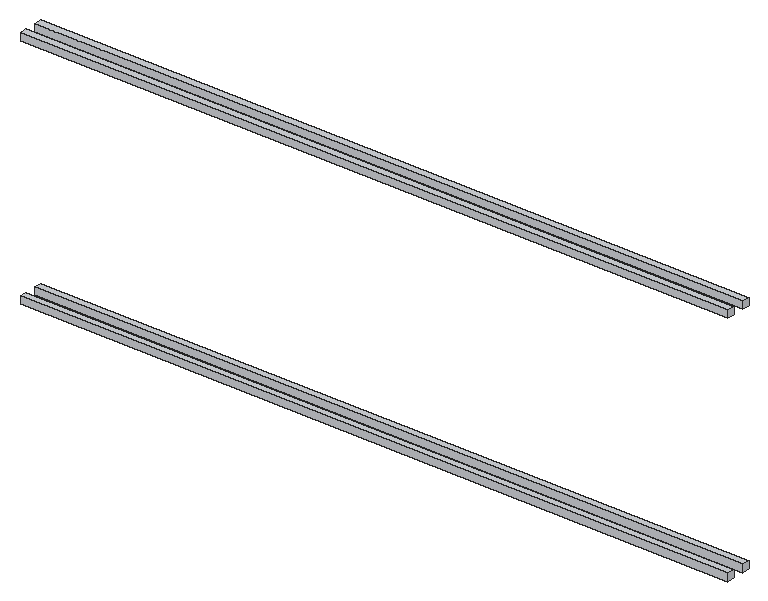
Revit family "f61303409e974c4c8abe19b0fd93cf54", category Generic Models, Revit 2021
Family settings
  Can host rebar = No
  Round Connector Dimension = Use Diameter
  Part Type = Normal
  Work Plane-Based = No
  Always vertical = Yes
  Cut with Voids When Loaded = No
  Shared = Yes
  Room Calculation Point = No
Parameters
  Width [instance] = 4' - 0"
  Thickness = 0' - 0 1/2"
  Height [instance] = 4' - 0"
  Interior Material [instance] = none
  Exterior Material [instance] = none
  Distance = 0' - 0 3/4"
  Default Elevation = 0' - 0"
Reference planes (in)
  plane 1 "Center (Front/Back)": y = 0
  plane 2: z = 0
  plane 3 "Center (Left/Right)": x = 0
  plane 4: z = 48
  plane 5: x = -24
  plane 6: x = 24
  plane 7: z = 24
  plane 8 "a": y = 0.375
  plane 9 "b": y = -0.375
  plane 10: y = 0.875
  plane 11: y = -0.875
  plane 12: z = 32
  plane 13: z = 16
  plane 14: z = 32.25
  plane 15: z = 31.75
  plane 16: z = 16.25
  plane 17: z = 15.75
Forms (in)
  Extrusion 1, solid, material <- "Exterior Material", detail levels fine
    sketch origin (0, 0.375, 0) x (-1, 0, 0) y (0, 0, 1)
      loop
        line (24, 32.25) -> (-24, 32.25) -> (-24, 31.75) -> (24, 31.75) -> (24, 32.25)
      loop
        line (24, 16.25) -> (-24, 16.25) -> (-24, 15.75) -> (24, 15.75) -> (24, 16.25)
    from 0 to 0.5
  Extrusion 2, solid, material <- "Interior Material", detail levels fine
    sketch origin (0, -0.375, 0) x (-1, 0, 0) y (0, 0, 1)
      loop
        line (-24, 16.25) -> (-24, 15.75) -> (24, 15.75) -> (24, 16.25) -> (-24, 16.25)
      loop
        line (-24, 32.25) -> (-24, 31.75) -> (24, 31.75) -> (24, 32.25) -> (-24, 32.25)
    from 0 to -0.5
Lines and regions (in)
  model lines, detail levels medium
    curve 1: line (-24, 0.375, 32) -> (24, 0.375, 32)
    curve 2: line (-24, 0.375, 16) -> (24, 0.375, 16)
    curve 3: line (-24, -0.375, 32) -> (24, -0.375, 32)
    curve 4: line (-24, -0.375, 16) -> (24, -0.375, 16)
Dimensions and locks (in)
  equal spacing: plane 6, plane 3 "Center (Left/Right)", plane 5
  "Width": plane 6 to plane 5
  "Height": plane 4 to plane 2
  equal spacing: plane 4, plane 7, plane 2
  equal spacing: plane 8 "a", plane 1 "Center (Front/Back)", plane 9 "b"
  "Distance": plane 8 "a" to plane 9 "b"
  "Thickness": plane 10 to plane 8 "a"
  "Thickness": plane 9 "b" to plane 11
  equal spacing: plane 4, plane 12, plane 13, level
  equal spacing: plane 15, plane 12, plane 14
  equal spacing: plane 17, plane 13, plane 16
  locked: plane 14 to plane 15 at 0.5
  locked: plane 16 to plane 17 at 0.5
  aligned and locked: plane 2 to level
  aligned and locked: Extrusion 1 sketch curve to plane 5  (x2)
  aligned and locked: Extrusion 1 sketch curve to plane 6  (x2)
  aligned and locked: plane 10 to Extrusion 1
  aligned and locked: Extrusion 1 to plane 8 "a"
  aligned and locked: curve 1 to plane 12
  aligned and locked: curve 2 to plane 13
  aligned and locked: plane 6 to curve 2
  aligned and locked: plane 12 to curve 1
  aligned and locked: plane 5 to curve 1
  aligned and locked: plane 5 to curve 2
  aligned and locked: Extrusion 2 sketch curve to Extrusion 1  (x8)
  aligned and locked: Extrusion 2 to plane 9 "b"  (x2)
  aligned and locked: Extrusion 2 to plane 11
  aligned and locked: plane 11 to Extrusion 2
  aligned and locked: curve 3 to plane 12
  aligned and locked: plane 6 to curve 3
  aligned and locked: plane 5 to curve 3
  aligned and locked: plane 6 to curve 4
  aligned and locked: plane 5 to curve 4
  aligned and locked: curve 4 to plane 13
  aligned and locked: Extrusion 1 sketch curve to plane 14
  aligned and locked: Extrusion 1 sketch curve to plane 15
  aligned and locked: Extrusion 1 sketch curve to plane 16
  aligned and locked: Extrusion 1 sketch curve to plane 17
Automatic sketch dimensions
  curve 1 to plane 6 = 0' - 0"
